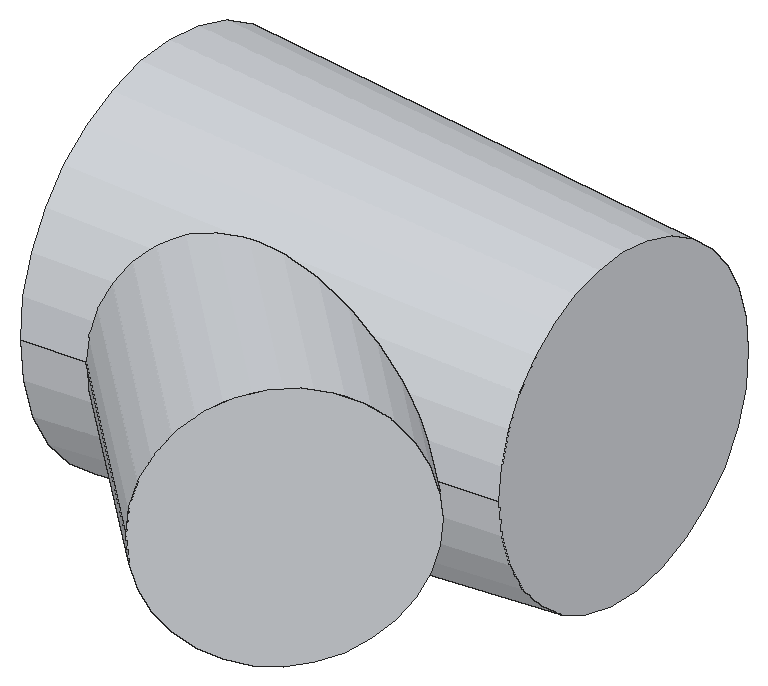
Revit family "M_Round Wye - Lateral - Tapered Body", category Duct Fittings, Revit 2014
Parameters (values of type "Standard")
  Width Offset 7 [instance] = Width Offset 1 + Length 4 - Half Duct Length 2 - Shoulder Length 1  # 10927.951 mm
  Width Offset 6 [instance] = if(Width Offset 1 > Width Offset 2 + Min Duct Length 1, Width Offset 1, Width Offset 2 + Min Duct Length 1)  # 11292.649 mm
  Width Offset 5 [instance] = if(Width Offset 2 > Width Offset 1, Width Offset 1, Width Offset 7)  # 10927.951 mm
  Width Offset 4 [instance] = Width Offset 1 + Duct Length 3 Label * cos(Angle)  # 11207.294 mm
  Width Offset 3 [instance] = if(Angle < 90.00°, Width Offset 2 + Shoulder Length 1 + Duct Radius 3 * sin(Angle), Width Offset 2 + Shoulder Length 1 + 2 * Half Duct Length 2 - Duct Radius 3 * sin(Angle))  # 11048.662 mm
  Width Offset 2 [instance] = Width Offset 1 + Length 4 - Half Duct Length 2 - Shoulder Length 1  # 10927.951 mm
  Width Offset 1 [instance] = 10972.8 mm  # constant formula
  Void Length 2 [instance] = if(Angle > 90.00°, if(-Width Offset 1 + (Width Offset 7 + Duct Length 1) > Duct Radius 3 * sin(Angle), 3.175 mm, Duct Radius 3 * sin(Angle) - (Width Offset 7 + Duct Length 1) + Width Offset 1), 3.175 mm)  # 3.175 mm
  Void Length 1 [instance] = if(Angle < 90.00°, if(Width Offset 1 - Width Offset 7 > Duct Radius 3 * sin(Angle), 3.175 mm, Duct Radius 3 * sin(Angle) + Width Offset 7 - Width Offset 1), 3.175 mm)  # 25.862 mm
  Shoulder Length 3 [instance] = 50 mm  # constant formula
  Shoulder Length 2 [instance] = 50 mm  # constant formula
  Shoulder Length 1 [instance] = 50 mm  # constant formula
  Min Duct Length 1 [instance] = Shoulder Length 1 + 2 * Half Duct Length 2 + Shoulder Length 2  # 364.698 mm
  Max Duct Radius 12 [instance] = if(Duct Radius 1 > Duct Radius 2, Duct Radius 1, Duct Radius 2)  # 150 mm
  Length 6 [instance] = Duct Length 3 Label * sin(Angle)  # 234.494 mm
  Length 56 [instance] = if(Duct Radius 1 > Duct Radius 2, Length 54, Length 55)  # 21.573 mm
  Length 55 [instance] = -Length 1 * Shoulder Length 2 / (Shoulder Length 1 + Shoulder Length 2 + 2 * Half Duct Length 2)  # -3.427 mm
  Length 54 [instance] = Length 1 * (Shoulder Length 1 + 2 * Half Duct Length 2) / (Shoulder Length 1 + Shoulder Length 2 + 2 * Half Duct Length 2)  # 21.573 mm
  Length 53 [instance] = if(Duct Radius 1 > Duct Radius 2, Length 51, Length 52)  # 3.427 mm
  Length 52 [instance] = -Length 1 * (Shoulder Length 2 + 2 * Half Duct Length 2) / (Shoulder Length 1 + Shoulder Length 2 + 2 * Half Duct Length 2)  # -21.573 mm
  Length 51 [instance] = Length 1 * Shoulder Length 1 / (Shoulder Length 1 + Shoulder Length 2 + 2 * Half Duct Length 2)  # 3.427 mm
  Length 4 [instance] = if(not(Angle = 90.00°), Length 33 / tan(Angle), 0 mm)  # 137.5 mm
  Length 33 [instance] = if(Duct Radius 1 > Duct Radius 2, Length 31, Length 32)  # 137.5 mm
  Length 32 [instance] = Max Duct Radius 12 + Length 1 * (Shoulder Length 2 + Half Duct Length 2) / (Shoulder Length 1 + Shoulder Length 2 + 2 * Half Duct Length 2)  # 162.5 mm
  Length 31 [instance] = Max Duct Radius 12 - Length 1 * (Shoulder Length 1 + Half Duct Length 2) / (Shoulder Length 1 + Shoulder Length 2 + 2 * Half Duct Length 2)  # 137.5 mm
  Length 2 [instance] = Shoulder Length 1 * sin(Angle) + Shoulder Length 2 * sin(Angle) + Length 1 * cos(Angle) - 2 * Duct Radius 3  # -111.612 mm
  Length 1 [instance] = Duct Radius 1 - Duct Radius 2  # 25 mm
  Half Duct Length 2 [instance] = (-Length 2 + sqrt(Length 2 ^ 2 + 8 * sin(Angle) * (Shoulder Length 1 + Shoulder Length 2) * Duct Radius 3)) / (4 * sin(Angle))  # 132.349 mm
  Duct Radius 3 [instance] = 100 mm
  Duct Radius 2 [instance] = 125 mm
  Duct Radius 1 [instance] = 150 mm
  Duct Length 3 Label 3 [instance] = if(Duct Length 3 Label 1 > Duct Length 3 Label 2, Duct Length 3 Label 1, Duct Length 3 Label 2) + Shoulder Length 3  # 331.624 mm
  Duct Length 3 Label 2 [instance] = (Max Duct Radius 12 - Length 56 + Duct Radius 3 * cos(Angle)) / sin(Angle)  # 281.624 mm
  Duct Length 3 Label 1 [instance] = (Max Duct Radius 12 - Length 53 - Duct Radius 3 * cos(Angle)) / sin(Angle)  # 107.285 mm
  Duct Length 3 Label [instance] = if(Duct Length 3 > Duct Length 3 Label 3, Duct Length 3, Duct Length 3 Label 3)  # 331.624 mm
  Duct Length 3 [instance] = 200 mm
  Duct Length 1 [instance] = Shoulder Length 1 + 2 * Half Duct Length 2 + Shoulder Length 2  # 364.698 mm
  Duct Diameter 3 [instance] = Duct Radius 3 * 2  # 200 mm
  Duct Diameter 2 [instance] = Duct Radius 2 * 2  # 250 mm
  Duct Diameter 1 [instance] = Duct Radius 1 * 2  # 300 mm
  Angle [instance] = 45.00°
Reference planes
  plane 1 "Center (Front/Back)": y = 0
  plane 2: z = 0
  plane 3 "Center (Left/Right)": x = 0
  plane 4: x = -10972.8
  plane 5 "S1": x = -44.849
  plane 6 "S2": x = 319.849
  plane 7 "Left End": x = -44.849
  plane 8: x = 234.494
  plane 9: x = 5.151
  plane 10: x = 137.5
  plane 11: x = 269.849
  plane 12 "Right End": x = 319.849
  plane 13: x = -70.711
  plane 14: x = 323.024
  plane 15: y = -150
  plane 16: y = -234.494
  plane 17: y = -146.573
  plane 18: y = -128.427
Forms (mm)
  Sweep 1, solid, detail levels medium+fine
    path in 3D
      loop
        line (234.494, -234.494, 0) -> (0, 0, 0)
    profile origin (117.247, -117.247, 0) x (-0.707107, -0.707107, 0) y (0, 0, 1)
      loop
        circle (0, 0) r 100
  Blend 2, solid, detail levels medium+fine
    base sketch origin (0, 0, 0) x (0, 1, 0) y (0, 0, 1)
      loop
        circle (0, 0) r 150
    top sketch origin (0, 0, 0) x (0, 1, 0) y (0, 0, 1)
      loop
        circle (0, 0) r 125
    from -44.849 to 319.849
  Extrusion 3, void
    sketch origin (0, 0, 0) x (0, 1, 0) y (0, 0, 1)
      loop
        circle (0, 0) r 150
    from -70.711 to -44.849
  Extrusion 4, void
    sketch origin (0, 0, 0) x (0, 1, 0) y (0, 0, 1)
      loop
        circle (0, 0) r 125
    from 319.849 to 323.024
Cuts and joins
  Extrusion 3, Extrusion 4 cuts Sweep 1
  joined: Sweep 1, Blend 2
Lines and regions (mm)
  model lines, detail levels coarse
    curve 1: line (234.494, -234.494, 0) -> (0, 0, 0)
    curve 2: line (-44.849, 0, 0) -> (319.849, 0, 0)
  sketch lines
    curve 3: line (234.494, -234.494, 0) -> (0, 0, 0)
Dimensions and locks
  "Width Offset 1": plane 4 to plane 3 "Center (Left/Right)"
  "Width Offset 4": plane 4 to plane 8
  "Width Offset 5": plane 4 to plane 5 "S1"
  "Width Offset 6": plane 4 to plane 6 "S2"
  "Width Offset 7": plane 4 to plane 7 "Left End"
  "Shoulder Length 1": plane 7 "Left End" to plane 9
  "Half Duct Length 2": plane 9 to plane 10
  equal spacing: plane 9, plane 10, plane 11
  "Shoulder Length 2": plane 11 to plane 12 "Right End"
  "Void Length 1": plane 13 to plane 7 "Left End"
  "Void Length 2": plane 12 "Right End" to plane 14
  "Max Duct Radius 12": plane 15 to plane 1 "Center (Front/Back)"
  "Length 6": plane 16 to plane 1 "Center (Front/Back)"
  "Length 53": plane 17 to plane 15
  "Length 56": plane 18 to plane 15
  "Duct Length 3 Label": curve 1 to curve 1
  "Duct Radius 3": radius of Sweep 1 sketch curve
  "Duct Radius 1": radius of Blend 2 sketch curve
  "Duct Radius 2": radius of Blend 2 sketch curve
  "Duct Radius 1": radius of Extrusion 3 sketch curve
  "Duct Radius 2": radius of Extrusion 4 sketch curve
  "Angle": angle curve 1 to plane 1 "Center (Front/Back)"
  aligned and locked: plane 3 "Center (Left/Right)" to curve 1
  aligned and locked: plane 1 "Center (Front/Back)" to curve 1
  aligned and locked: plane 5 "S1" to curve 2
  aligned and locked: plane 6 "S2" to curve 2
  aligned and locked: plane 1 "Center (Front/Back)" to curve 2
  aligned and locked: plane 1 "Center (Front/Back)" to Blend 2 sketch curve  (x2)
  aligned and locked: plane 2 to Blend 2 sketch curve  (x2)
  aligned and locked: Blend 2 to plane 7 "Left End"
  aligned and locked: Blend 2 to plane 12 "Right End"
  aligned and locked: plane 1 "Center (Front/Back)" to Extrusion 3 sketch curve
  aligned and locked: plane 2 to Extrusion 3 sketch curve
  aligned and locked: Extrusion 3 to plane 13
  aligned and locked: plane 7 "Left End" to Extrusion 3
  aligned and locked: plane 1 "Center (Front/Back)" to Extrusion 4 sketch curve
  aligned and locked: plane 2 to Extrusion 4 sketch curve
  aligned and locked: Extrusion 4 to plane 14
  aligned and locked: plane 12 "Right End" to Extrusion 4
Automatic sketch dimensions
  Sweep 1 sketch curve to profile plane = 0 mm
  profile plane to Sweep 1 sketch curve = 0 mm
Connectors
  hvac at (-44.849, 0, 0), driven by "Duct Radius 1"
    settings: on cut or joined group of Sweep 1, Blend 2, Extrusion 3, Extrusion 4, index 1, duct flow 0.0 L/s, flow factor 0, pres drop 0.0 Pa, loss coef 0, conn angle 0.00°, conn width 304.8 mm, conn height 304.8 mm, conn diameter 300 mm, duct sys type 28, conn prof type 0, flow config 0, flow direction 0, loss method 0, conn ref index 2, conn util no, is conn primary yes, conn desc ""
  hvac at (319.849, 0, 0), driven by "Duct Radius 2"
    settings: on cut or joined group of Sweep 1, Blend 2, Extrusion 3, Extrusion 4, index 2, duct flow 0.0 L/s, flow factor 0, pres drop 0.0 Pa, loss coef 0, conn angle 0.00°, conn width 304.8 mm, conn height 304.8 mm, conn diameter 250 mm, duct sys type 28, conn prof type 0, flow config 0, flow direction 0, loss method 0, conn ref index 1, conn util no, is conn primary no, conn desc ""
  hvac at (234.494, -234.494, 0), driven by "Duct Radius 3", driven by "Angle"
    settings: on cut or joined group of Sweep 1, Blend 2, Extrusion 3, Extrusion 4, index 3, duct flow 0.0 L/s, flow factor 0, pres drop 0.0 Pa, loss coef 0, conn angle 45.00°, conn width 304.8 mm, conn height 304.8 mm, conn diameter 200 mm, duct sys type 28, conn prof type 0, flow config 0, flow direction 0, loss method 0, conn ref index -1, conn util no, is conn primary no, conn desc ""
